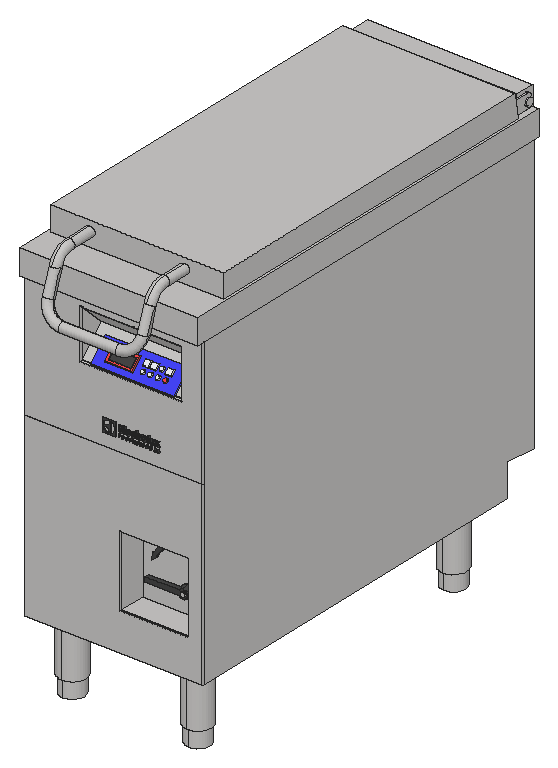
Revit family "QF_ELECTROLUXPROFESSIONAL_391351_E9PCEDRMC3", category Specialty Equipment, Revit 2018
Family settings
  Round Connector Dimension = Use Diameter
  Part Type = Normal
  Work Plane-Based = No
  Always vertical = Yes
  Cut with Voids When Loaded = No
  Shared = No
  Room Calculation Point = No
Parameters
  Weight = 55.00 kg
  Watts = 0 W
  Volts = 0 V
  URL Manufacturer = ""
  URL = ""
  Steam Supply Size = 0 mm
  Steam Supply Minimum Pressure = 0.0 Pa
  Steam Supply Maximum Pressure = 0.0 Pa
  Steam Pounds per Hour = 0
  Refrigeration Suction Line Size = 0 mm
  Refrigeration Liquid Line Size = 0 mm
  Refrigerant Compressor Remote = yes
  Manufacturer = ""
  Phase = 0
  Model = ""
  Length Actual = 375 mm  # constant formula
  Item Number = ""
  Hot Water Size = 0 mm
  Height Actual = 850 mm  # constant formula
  HP = "12.1 HP"
  Gas Size = 0 mm
  Gas KW = 0
  Gas Input Pressure = 0 W
  Direct Waste Size = 19.05 mm
  Description = ""
  Depth Actual = 910 mm  # constant formula
  Cycle = 0 Hz
  Condensate Return Size = 0 mm
  Compressed Air Volume = 0.0 L/s
  Compressed Air Size = 0 mm
  Compressed Air Pressure = 0.0 Pa
  Cold Water Size = 0 mm
  Accessory = yes
Reference planes
  plane 1 "Center (Front/Back)": y = 137.5
  plane 2: z = 0
  plane 3 "Center (Left/Right)": x = 0
  plane 4 "TOP": z = 901
  plane 5 "FRONT": y = -312.5
  plane 6 "BACK": y = 587.5
  plane 7 "LEFT": x = -187.5
  plane 8 "RIGHT": x = 187.5
  plane 9 "FEET": z = 150
  plane 10: y = -247.5
  plane 11 "DrainX": y = -135.5
  plane 12 "FbY": y = 431.5
  plane 13 "FfY": y = -242.5
  plane 14 "FLr": x = 132.5
  plane 15 "FLx": x = -132.5
  plane 16 "PLAN": z = 850
  plane 17 "DrainY": x = 52.5
  plane 18 "C1": x = -100
  plane 19 "C2": x = 100
  plane 20 "MAN": through (0, -359.5, 765.7) normal (0, 0.9397, -0.342)
  plane 21 "BOX": y = -240
  plane 22 "EIy": x = -52.5
  plane 23 "CWIy": x = 52.5
  plane 24 "EIz": z = 178
  plane 25: z = 1749
  plane 26 "PANEL": through (0, -300, 671.172) normal (0, 0.7071, -0.7071)
Forms (mm)
  Extrusion 1, solid, material "QF_Finishes_Stainless Steel"
    sketch origin (33, 0, 150) x (-1, 0, 0) y (0, -1, 0)
      loop
        circle (33, 135.5) r 9.525
    from -2 to 0
  Extrusion 2, solid, material "QF_Finishes_Stainless Steel"
    sketch origin (0, 0, 0) x (0, 1, 0) y (-1, 0, 0)
      loop
        circle (431.5, -132.5) r 25
      loop
        circle (-242.5, -132.5) r 25
      loop
        circle (-242.5, 132.5) r 25
      loop
        circle (431.5, 132.5) r 25
    from 34.992 to 0
  Extrusion 3, solid, material "QF_Finishes_Stainless Steel"
    sketch origin (0, 0, 0) x (0, 1, 0) y (-1, 0, 0)
      loop
        circle (431.5, -132.5) r 28.5
      loop
        circle (-242.5, -132.5) r 28.5
      loop
        circle (-242.5, 132.5) r 28.5
      loop
        circle (431.5, 132.5) r 28.5
    from 34.992 to 150
  Extrusion 4, solid, material "QF_Finishes_Black"
    sketch origin (-99.821, -312.5, 204.426) x (-1, 0, 0) y (0, 0, 1)
      loop
        arc (-95.224, 378.018) -> (-104.404, 365.602) -> (-95.224, 353.185) r 12.987
        line (-95.224, 353.185) -> (-95.224, 378.018)
      loop
        line (-94.268, 378.098) -> (-94.268, 376.124)
        arc (-94.268, 376.124) -> (-90.851, 369.664) -> (-84.269, 366.489) r 11.707
        line (-84.269, 366.489) -> (-78.669, 366.489)
        arc (-78.669, 366.489) -> (-83.8, 375.879) -> (-94.268, 378.098) r 12.809
      loop
        line (-93.961, 354.984) -> (-93.961, 352.866)
        arc (-93.961, 352.866) -> (-83.625, 355.456) -> (-78.658, 364.882) r 13.06
        line (-78.658, 364.882) -> (-82.766, 364.882)
        arc (-82.766, 364.882) -> (-90.106, 361.903) -> (-93.961, 354.984) r 11.93
      loop
        line (-77.715, 379.374) -> (-105.353, 379.374) -> (-105.353, 351.774) -> (-77.715, 351.774) -> (-77.715, 379.374)
    from 10.9 to 12.5
  Extrusion 5, solid, material "QF_Finishes_Black"
    sketch origin (102.623, -312.5, 210.245) x (-1, 0, 0) y (0, 0, 1)
      loop
        line (81.784, 371.728) -> (81.784, 369.516) -> (87.894, 369.516) -> (87.894, 366.286) -> (82.149, 366.286) -> (82.149, 364.068) -> (87.894, 364.068) -> (87.894, 362.114)
        arc (87.894, 362.114) -> (87.296, 360.758) -> (85.892, 360.284) r 1.838
        line (85.892, 360.284) -> (81.62, 360.284) -> (81.62, 358.073) -> (86.443, 358.073)
        arc (86.443, 358.073) -> (89.131, 359.187) -> (90.245, 361.875) r 3.802
        line (90.245, 361.875) -> (90.245, 371.728) -> (81.784, 371.728)
      loop
        line (79.949, 371.728) -> (77.598, 371.728) -> (77.598, 358.073) -> (79.949, 358.073) -> (79.949, 371.728)
      loop
        line (28.869, 371.728) -> (26.516, 371.728) -> (26.516, 358.073) -> (28.869, 358.073) -> (28.869, 371.728)
      loop
        arc (73.708, 362.434) -> (73.264, 360.942) -> (71.968, 360.079) r 2.29
        arc (71.968, 360.079) -> (69.843, 359.894) -> (68.014, 360.992) r 3.458
        line (68.014, 360.992) -> (66.621, 359.598)
        arc (66.621, 359.598) -> (68.772, 358.15) -> (71.338, 357.772) r 5.86
        arc (71.338, 357.772) -> (74.634, 359.137) -> (76, 362.434) r 4.662
        arc (76, 362.434) -> (74.962, 366.376) -> (71.326, 368.22) r 4.976
        arc (71.326, 368.22) -> (67.198, 366.674) -> (65.991, 362.434) r 4.89
        line (65.991, 362.434) -> (73.708, 362.434)
      loop
        arc (73.649, 364.087) -> (72.614, 365.736) -> (70.73, 366.227) r 2.64
        arc (70.73, 366.227) -> (69.097, 365.651) -> (68.353, 364.087) r 2.256
        line (68.353, 364.087) -> (73.649, 364.087)
      loop
        arc (56.823, 365.072) -> (58.716, 366.107) -> (60.848, 365.782) r 3.369
        arc (60.848, 365.782) -> (62.181, 364.369) -> (62.339, 362.434) r 2.933
        arc (62.339, 362.434) -> (60.068, 359.986) -> (56.898, 361.035) r 3.088
        line (56.898, 361.035) -> (55.429, 359.566)
        arc (55.429, 359.566) -> (61.646, 358.281) -> (64.682, 363.856) r 5.33
        arc (64.682, 363.856) -> (62.881, 367.035) -> (59.448, 368.289) r 5.293
        arc (59.448, 368.289) -> (57.198, 367.889) -> (55.346, 366.548) r 5.117
        line (55.346, 366.548) -> (56.823, 365.072)
      loop
        line (53.902, 371.728) -> (51.549, 371.728) -> (51.549, 367.949) -> (49.413, 367.949) -> (49.413, 365.812) -> (51.549, 365.812) -> (51.549, 362.434)
        arc (51.549, 362.434) -> (51.347, 361.352) -> (50.591, 360.553) r 1.949
        arc (50.591, 360.553) -> (50.002, 360.319) -> (49.369, 360.271) r 2.118
        line (49.369, 360.271) -> (49.369, 358.067)
        arc (49.369, 358.067) -> (51.495, 358.348) -> (53.174, 359.682) r 4.018
        arc (53.174, 359.682) -> (53.698, 360.997) -> (53.902, 362.397) r 6.031
        line (53.902, 362.397) -> (53.902, 371.728)
      loop
        line (45.102, 363.264) -> (45.102, 358.073) -> (47.434, 358.073) -> (47.434, 367.949) -> (45.102, 367.949) -> (45.102, 366.525)
        arc (45.102, 366.525) -> (43.525, 367.878) -> (41.456, 368.073) r 3.432
        line (41.456, 368.073) -> (41.456, 365.812)
        arc (41.456, 365.812) -> (43.04, 365.845) -> (44.448, 365.122) r 3.231
        arc (44.448, 365.122) -> (44.934, 364.249) -> (45.102, 363.264) r 2.967
      loop
        circle (35.705, 363.009) r 5.233
      loop
        circle (35.705, 363.009) r 3.172
      loop
        line (18.033, 362.186) -> (18.033, 367.949) -> (15.663, 367.949) -> (15.663, 362.087)
        arc (15.663, 362.087) -> (16.976, 358.946) -> (20.19, 357.823) r 4.181
        arc (20.19, 357.823) -> (23.368, 358.913) -> (24.717, 361.99) r 4.181
        line (24.717, 361.99) -> (24.717, 367.949) -> (22.346, 367.949) -> (22.346, 362.186)
        arc (22.346, 362.186) -> (21.765, 360.589) -> (20.19, 359.953) r 2.088
        arc (20.19, 359.953) -> (18.614, 360.589) -> (18.033, 362.186) r 2.088
      loop
        line (14.241, 367.949) -> (11.697, 367.949) -> (9.567, 365.017) -> (7.404, 367.949) -> (4.836, 367.949) -> (8.219, 363.365) -> (4.52, 358.07) -> (7.032, 358.07) -> (9.559, 361.549) -> (12.05, 358.07) -> (14.578, 358.07) -> (10.826, 363.312) -> (14.241, 367.949)
      loop
        arc (88.922, 352.413) -> (87.368, 350.995) -> (88.637, 349.317) r 1.561
        line (88.637, 349.317) -> (89.771, 349.317) -> (89.771, 347.69) -> (90.797, 347.69) -> (90.797, 352.413) -> (88.922, 352.413)
      loop
        line (88.681, 350.245) -> (89.771, 350.245) -> (89.771, 351.459) -> (88.681, 351.459)
        arc (88.681, 351.459) -> (88.293, 350.852) -> (88.681, 350.245) r 0.668
      loop
        arc (81.512, 352.413) -> (80.423, 351.969) -> (79.954, 350.891) r 1.559
        arc (79.954, 350.891) -> (80.103, 350.213) -> (80.548, 349.682) r 1.458
        line (80.548, 349.682) -> (79.62, 347.69) -> (80.722, 347.69) -> (81.401, 349.317) -> (82.394, 349.317) -> (82.394, 347.69) -> (83.42, 347.69) -> (83.42, 352.413) -> (81.512, 352.413)
      loop
        line (82.394, 351.459) -> (81.304, 351.459)
        arc (81.304, 351.459) -> (80.916, 350.852) -> (81.304, 350.245) r 0.668
        line (81.304, 350.245) -> (82.394, 350.245) -> (82.394, 351.459)
      loop
        circle (73.591, 350.052) r 2.453
      loop
        circle (73.591, 350.052) r 1.557
      loop
        line (67.107, 352.413) -> (64.158, 352.413) -> (64.158, 351.395) -> (66.105, 351.395) -> (66.105, 350.399) -> (64.328, 350.399) -> (64.328, 349.341) -> (66.105, 349.341) -> (66.105, 347.69) -> (67.107, 347.69) -> (67.107, 352.413)
      loop
        line (60.175, 352.413) -> (57.187, 352.413) -> (57.187, 351.521) -> (59.205, 351.521) -> (59.205, 350.591) -> (57.318, 350.591) -> (57.318, 349.699) -> (59.205, 349.699)
        arc (59.205, 349.699) -> (59.102, 349.022) -> (58.574, 348.586) r 0.961
        line (58.574, 348.586) -> (57.141, 348.586) -> (57.141, 347.694) -> (58.665, 347.694)
        arc (58.665, 347.694) -> (59.74, 348.144) -> (60.175, 349.224) r 1.51
        line (60.175, 349.224) -> (60.175, 352.413)
      loop
        line (43.076, 351.815) -> (43.615, 351.106)
        arc (43.615, 351.106) -> (44.027, 351.472) -> (44.562, 351.601) r 1.135
        arc (44.562, 351.601) -> (45.009, 351.244) -> (44.7, 350.763) r 0.427
        arc (44.7, 350.763) -> (44.164, 350.562) -> (43.642, 350.329) r 9.371
        arc (43.642, 350.329) -> (43.229, 350.06) -> (42.907, 349.687) r 1.779
        arc (42.907, 349.687) -> (42.757, 348.879) -> (43.047, 348.109) r 1.535
        arc (43.047, 348.109) -> (43.702, 347.761) -> (44.429, 347.616) r 2.556
        arc (44.429, 347.616) -> (45.018, 347.675) -> (45.562, 347.907) r 1.957
        arc (45.562, 347.907) -> (46.041, 348.341) -> (46.339, 348.915) r 1.815
        line (46.339, 348.915) -> (45.513, 349.3)
        arc (45.513, 349.3) -> (45.278, 348.889) -> (44.894, 348.613) r 1.118
        arc (44.894, 348.613) -> (44.45, 348.5) -> (44.004, 348.605) r 0.963
        arc (44.004, 348.605) -> (43.764, 349.087) -> (44.112, 349.498) r 0.489
        arc (44.112, 349.498) -> (44.664, 349.765) -> (45.246, 349.959) r 4.78
        arc (45.246, 349.959) -> (45.937, 350.786) -> (45.826, 351.858) r 1.385
        arc (45.826, 351.858) -> (45.225, 352.312) -> (44.493, 352.491) r 1.872
        arc (44.493, 352.491) -> (43.701, 352.328) -> (43.076, 351.815) r 1.69
      loop
        line (38.743, 352.413) -> (37.773, 352.413) -> (37.773, 347.694) -> (38.743, 347.694) -> (38.743, 352.413)
      loop
        circle (31.231, 350.053) r 1.468
      loop
        circle (31.231, 350.053) r 2.451
      loop
        line (24.722, 347.694) -> (24.722, 352.413) -> (23.778, 352.413) -> (21.619, 349.356) -> (21.619, 352.413) -> (20.639, 352.413) -> (20.639, 347.694) -> (21.582, 347.694) -> (23.741, 350.661) -> (23.741, 347.694) -> (24.722, 347.694)
      loop
        line (15.747, 347.694) -> (16.789, 347.694) -> (14.943, 352.413) -> (14.033, 352.413) -> (12.04, 347.694) -> (13.083, 347.694) -> (13.542, 348.712) -> (15.288, 348.712) -> (15.747, 347.694)
      loop
        line (13.977, 349.68) -> (14.899, 349.68) -> (14.445, 350.717) -> (13.977, 349.68)
      loop
        line (7.22, 348.586) -> (5.406, 348.586) -> (5.406, 347.694) -> (8.191, 347.694) -> (8.191, 352.413) -> (7.22, 352.413) -> (7.22, 348.586)
      loop
        line (50.15, 351.815) -> (50.689, 351.106)
        arc (50.689, 351.106) -> (51.101, 351.472) -> (51.637, 351.601) r 1.135
        arc (51.637, 351.601) -> (52.084, 351.244) -> (51.774, 350.763) r 0.427
        arc (51.774, 350.763) -> (51.239, 350.562) -> (50.717, 350.329) r 9.371
        arc (50.717, 350.329) -> (50.304, 350.06) -> (49.981, 349.687) r 1.779
        arc (49.981, 349.687) -> (49.832, 348.879) -> (50.121, 348.109) r 1.535
        arc (50.121, 348.109) -> (50.776, 347.761) -> (51.504, 347.616) r 2.556
        arc (51.504, 347.616) -> (52.092, 347.675) -> (52.636, 347.907) r 1.957
        arc (52.636, 347.907) -> (53.116, 348.341) -> (53.413, 348.915) r 1.815
        line (53.413, 348.915) -> (52.587, 349.3)
        arc (52.587, 349.3) -> (52.352, 348.889) -> (51.969, 348.613) r 1.118
        arc (51.969, 348.613) -> (51.525, 348.5) -> (51.078, 348.605) r 0.963
        arc (51.078, 348.605) -> (50.838, 349.087) -> (51.187, 349.498) r 0.489
        arc (51.187, 349.498) -> (51.739, 349.765) -> (52.32, 349.959) r 4.78
        arc (52.32, 349.959) -> (53.012, 350.786) -> (52.901, 351.858) r 1.385
        arc (52.901, 351.858) -> (52.299, 352.312) -> (51.568, 352.491) r 1.872
        arc (51.568, 352.491) -> (50.776, 352.328) -> (50.15, 351.815) r 1.69
    from 12.5 to 10.9
  Extrusion 6, solid, material "QF_Finishes_Stainless Steel"
    sketch origin (80, 587.5, -167) x (-1, 0, 0) y (0, 0, 1)
      loop
        circle (132.5, 345) r 10
    from -81.229 to -85
  Extrusion 7, solid, material "QF_Finishes_Stainless Steel"
    sketch origin (0, 0, 0) x (0, 1, 0) y (0, 0, 1)
      loop
        line (574.512, 797.7) -> (-297, 797.7) -> (-297, 150) -> (502.5, 150) -> (502.5, 220.528) -> (574.512, 213.385) -> (574.512, 797.7)
    from 187.5 to -187.5
  Extrusion 8, solid, material "QF_Finishes_Stainless Steel"
    sketch origin (0, 0, 0) x (0, 1, 0) y (0, 0, 1)
      loop
        line (587.5, 797.7) -> (587.5, 850) -> (-312.5, 850) -> (-312.5, 797.7) -> (587.5, 797.7)
    from -187.5 to 187.5
  Extrusion 9, solid, material "QF_Finishes_Stainless Steel"
    sketch origin (0, 0, 0) x (0, 1, 0) y (0, 0, 1)
      loop
        line (540.352, 850) -> (531.359, 901) -> (-237.5, 901) -> (-237.5, 850) -> (540.352, 850)
    from -182 to 182
  Extrusion 10, solid, material "QF_Finishes_Stainless Steel"
    sketch origin (0, 0, 0) x (0, 1, 0) y (0, 0, 1)
      loop
        line (-297, 530) -> (-300, 530) -> (-300, 150) -> (-297, 150) -> (-297, 530)
    from 187.5 to -187.5
  Extrusion 11, solid, material "QF_Finishes_Stainless Steel"
    sketch origin (0, 0, 0) x (0, 1, 0) y (0, 0, 1)
      loop
        line (-297, 530) -> (-297, 797.7) -> (-300, 797.7) -> (-300, 530) -> (-297, 530)
    from 187.5 to -187.5
  Sweep 12, solid, material "QF_Finishes_Stainless Steel"
    path origin (-100, 0, 0) x (0, 0, -1) y (0, -1, 0)
      loop
        line (-879.2, 237.5) -> (-879.2, 290.181)
        arc (-879.2, 290.181) -> (-871.966, 313.124) -> (-852.881, 327.769) r 40
    profile origin (-100, -263.841, 879.2) x (0, 0, 1) y (-1, 0, 0)
      loop
        circle (0, 0) r 10
  Sweep 13, solid, material "QF_Finishes_Stainless Steel"
    path origin (100, 0, 0) x (0, 0, -1) y (0, -1, 0)
      loop
        line (-879.2, 237.5) -> (-879.2, 290.181)
        arc (-879.2, 290.181) -> (-871.948, 313.15) -> (-852.821, 327.791) r 40
    profile origin (100, -263.841, 879.2) x (0, 0, 1) y (-1, 0, 0)
      loop
        circle (0, 0) r 10
  Sweep 14, solid, material "QF_Finishes_Stainless Steel"
    path origin (0, -549.934, 242.488) x (0, -0.34202, -0.939693) y (-1, 0, 0)
      loop
        line (-649.487, -100) -> (-596.566, -100)
        arc (-596.566, -100) -> (-568.282, -88.284) -> (-556.566, -60) r 40
        line (-556.566, -60) -> (-556.566, 60)
        arc (-556.566, 60) -> (-568.282, 88.284) -> (-596.566, 100) r 40
        line (-596.566, 100) -> (-649.567, 100)
    profile origin (0, -359.577, 765.489) x (0, 0.34202, 0.939693) y (0, 0.939693, -0.34202)
      loop
        circle (0, 0) r 10
  Extrusion 15, void
    sketch origin (0, 0, 0) x (0, 1, 0) y (0, 0, 1)
      loop
        line (-300, 777.172) -> (-300, 671.172) -> (-247, 724.172) -> (-300, 777.172)
    from -70 to 145
  Extrusion 16, void
    sketch origin (0, 0, 0) x (0, 1, 0) y (0, 0, 1)
      loop
        line (-240, 230) -> (-240, 380) -> (-300, 380) -> (-300, 230) -> (-240, 230)
    from 14 to 158
  Blend 17, solid, material "QF_Finishes_Black"
    base sketch origin (0, -240, 0) x (0, 0, 1) y (-1, 0, 0)
      loop
        circle (278, -114) r 12.025
    top sketch origin (0, -240, 0) x (0, 0, 1) y (-1, 0, 0)
      loop
        circle (278, -114) r 9.25
    from 7.5 to 18.63
  Extrusion 18, solid, material "QF_Finishes_Black"
    sketch origin (0, -240, 0) x (0, 0, 1) y (-1, 0, 0)
      loop
        line (272, -106.648) -> (284, -106.648) -> (282.724, -33.539) -> (273.276, -33.539) -> (272, -106.648)
    from 18.63 to 9.692
  Extrusion 19, solid, material "QF_Finishes_Black"
    sketch origin (0, -240, 0) x (0, 0, 1) y (-1, 0, 0)
      loop
        arc (287.874, -123.875) -> (290, -114) -> (287.874, -104.125) r 24
        arc (287.874, -104.125) -> (278, -102) -> (268.126, -104.125) r 24
        arc (268.126, -104.125) -> (266, -114) -> (268.126, -123.875) r 24
        arc (268.126, -123.875) -> (278, -126) -> (287.874, -123.875) r 24
    from 0 to 7.5
  Extrusion 20, solid, material "QF_Finishes_Stainless Steel"
    sketch origin (0, -240, 0) x (0, 0, 1) y (-1, 0, 0)
      loop
        circle (278, -114) r 5
    from 19.512 to 18.63
  Extrusion 21, solid, material "QF_Finishes_Black"
    sketch origin (0, -240, 0) x (0, 0, 1) y (-1, 0, 0)
      loop
        line (343.532, -68.114) -> (341.894, -69.261) -> (353.826, -77.855) -> (351.724, -62.378) -> (350.086, -63.525)
        arc (350.086, -63.525) -> (337.452, -49.12) -> (322, -37.79) r 88
        line (322, -37.79) -> (323, -36.058) -> (307.399, -35.313) -> (317, -46.45) -> (318, -44.718)
        arc (318, -44.718) -> (332.047, -55.018) -> (343.532, -68.114) r 80
    from 2 to 0
  Extrusion 22, solid, material "QF_Finishes_Stainless Steel"
    sketch origin (0, 0, 0) x (0, 1, 0) y (0, 0, 1)
      loop
        line (587.5, 890.2) -> (547.5, 890.2) -> (547.5, 850) -> (587.5, 850) -> (587.5, 890.2)
    from 174 to -174
  Extrusion 23, solid, material "QF_Finishes_Stainless Steel"
    sketch origin (0, 0, 0) x (0, 1, 0) y (0, 0, 1)
      loop
        line (567.695, 885.2) -> (534.145, 885.2) -> (539.461, 855.052) -> (567.701, 855.2)
        arc (567.701, 855.2) -> (572.559, 856.849) -> (575.417, 861.109) r 8
        line (575.417, 861.109) -> (576.149, 863.841) -> (573.793, 865.1)
        arc (573.793, 865.1) -> (559.4, 870.2) -> (573.793, 875.3) r 8.1
        line (573.793, 875.3) -> (576.149, 876.559) -> (575.417, 879.291)
        arc (575.417, 879.291) -> (572.557, 883.553) -> (567.695, 885.2) r 8
    from 180 to 175.8
  Extrusion 24, solid, material "QF_Finishes_Stainless Steel"
    sketch origin (0, 0, 0) x (0, 1, 0) y (0, 0, 1)
      loop
        circle (567.5, 870.2) r 8.1
    from 174 to 185
  Extrusion 25, solid, material "QF_Finishes_Stainless Steel"
    sketch origin (0, 0, 0) x (0, 1, 0) y (0, 0, 1)
      loop
        line (567.695, 885.2) -> (534.145, 885.2) -> (539.461, 855.052) -> (567.701, 855.2)
        arc (567.701, 855.2) -> (572.559, 856.849) -> (575.417, 861.109) r 8
        line (575.417, 861.109) -> (576.149, 863.841) -> (573.793, 865.1)
        arc (573.793, 865.1) -> (559.4, 870.2) -> (573.793, 875.3) r 8.1
        line (573.793, 875.3) -> (576.149, 876.559) -> (575.417, 879.291)
        arc (575.417, 879.291) -> (572.557, 883.553) -> (567.695, 885.2) r 8
    from -180 to -175.8
  Extrusion 26, solid, material "QF_Finishes_Stainless Steel"
    sketch origin (0, 0, 0) x (0, 1, 0) y (0, 0, 1)
      loop
        circle (567.5, 870.2) r 8.1
    from -174 to -185
  Extrusion 27, solid, material "QF_Finishes_Stainless Steel"
    sketch origin (0, 587.5, 0) x (-1, 0, 0) y (0, 0, 1)
      loop
        circle (-52.5, 178) r 9.55
    from -85 to -79.048
  Extrusion 28, solid, material "QF_Door-Drawer Clearances", detail levels coarse
    sketch origin (0, -419.929, 1193.139) x (0, 0.258819, -0.965926) y (0, 0.965926, 0.258819)
      loop
        line (540.352, 850) -> (531.359, 901) -> (-237.5, 901) -> (-237.5, 850) -> (540.352, 850)
    from -182 to 182
  Sweep 29, solid, material "QF_Door-Drawer Clearances", detail levels coarse
    path origin (-100, -419.929, 1193.139) x (0, -0.965926, -0.258819) y (0, -0.258819, 0.965926)
      loop
        line (-879.2, 237.5) -> (-879.2, 290.181)
        arc (-879.2, 290.181) -> (-871.966, 313.124) -> (-852.881, 327.769) r 40
    profile origin (-100, 361.027, 1675.543) x (0, 0.965926, 0.258819) y (-1, 0, 0)
      loop
        circle (0, 0) r 10
  Sweep 30, solid, material "QF_Door-Drawer Clearances", detail levels coarse
    path origin (0, -328.036, 1787.094) x (0, -0.996195, 0.087155) y (-1, 0, 0)
      loop
        line (-649.487, -100) -> (-596.566, -100)
        arc (-596.566, -100) -> (-568.282, -88.284) -> (-556.566, -60) r 40
        line (-556.566, -60) -> (-556.566, 60)
        arc (-556.566, 60) -> (-568.282, 88.284) -> (-596.566, 100) r 40
        line (-596.566, 100) -> (-649.567, 100)
    profile origin (0, 226.412, 1738.586) x (0, 0.996195, -0.087155) y (0, -0.087155, -0.996195)
      loop
        circle (0, 0) r 10
  Sweep 31, solid, material "QF_Door-Drawer Clearances", detail levels coarse
    path origin (100, -419.929, 1193.139) x (0, -0.965926, -0.258819) y (0, -0.258819, 0.965926)
      loop
        line (-879.2, 237.5) -> (-879.2, 290.181)
        arc (-879.2, 290.181) -> (-871.966, 313.124) -> (-852.881, 327.769) r 40
    profile origin (100, 361.027, 1675.543) x (0, 0.965926, 0.258819) y (-1, 0, 0)
      loop
        circle (0, 0) r 10
Cuts and joins
  Extrusion 15, Extrusion 16 cuts Extrusion 7
  Extrusion 15 cuts Extrusion 11
  Extrusion 16 cuts Extrusion 10
  joined: Blend 17, Extrusion 18
Lines and regions (mm)
  symbolic lines, detail levels coarse
    curve 1: line (187.5, 587.5, 0) -> (-187.5, 587.5, 0)
    curve 2: line (-187.5, 587.5, 0) -> (-187.5, -312.5, 0)
    curve 3: line (187.5, -312.5, 0) -> (187.5, 587.5, 0)
    curve 4: line (182, -237.5, 0) -> (182, 540.352, 0)
    curve 5: line (-182, 540.352, 0) -> (-182, -237.5, 0)
    curve 6: line (-187.5, -312.5, 0) -> (-110, -312.5, 0)
    curve 7: line (-110, -237.5, 0) -> (-110, -346.536, 0)
    curve 8: line (-90, -237.5, 0) -> (-90, -343.828, 0)
    curve 9: line (-59.839, -349.653, 0) -> (59.839, -349.653, 0)
    curve 10: line (-59.839, -369.653, 0) -> (59.839, -369.653, 0)
    curve 11: line (110, -237.5, 0) -> (110, -346.536, 0)
    curve 12: line (90, -237.5, 0) -> (90, -343.828, 0)
    curve 13: arc (-59.839, -349.653, 0) -> (-75.198, -348.183, 0) -> (-90, -343.828, 0) r 81.001
    curve 14: arc (-59.839, -369.653, 0) -> (-82.339, -366.89, 0) -> (-103.502, -358.767, 0) r 93.005
    curve 15: arc (-103.502, -358.767, 0) -> (-108.275, -353.461, 0) -> (-110, -346.536, 0) r 14.758
    curve 16: arc (59.839, -349.653, 0) -> (75.198, -348.183, 0) -> (90, -343.828, 0) r 81.001
    curve 17: arc (59.839, -369.653, 0) -> (82.339, -366.89, 0) -> (103.502, -358.767, 0) r 93.005
    curve 18: arc (103.502, -358.767, 0) -> (108.275, -353.461, 0) -> (110, -346.536, 0) r 14.758
    curve 19: line (-90, -312.5, 0) -> (90, -312.5, 0)
    curve 20: line (110, -312.5, 0) -> (187.5, -312.5, 0)
    curve 21: line (-182, -237.5, 0) -> (182, -237.5, 0)
    curve 22: line (-187.5, -300, 0) -> (-110, -300, 0)
    curve 23: line (-90, -300, 0) -> (90, -300, 0)
    curve 24: line (110, -300, 0) -> (187.5, -300, 0)
    curve 25: line (-174, 547.5, 0) -> (174, 547.5, 0)
    curve 26: line (174, 547.5, 0) -> (174, 587.5, 0)
    curve 27: line (-174, 587.5, 0) -> (-174, 547.5, 0)
    curve 28: line (-175.8, 540.962, 0) -> (-175.8, 576.149, 0)
    curve 29: line (-180, 576.149, 0) -> (-180, 540.962, 0)
    curve 30: line (-180, 576.149, 0) -> (-175.8, 576.149, 0)
    curve 31: line (-185, 575.6, 0) -> (-185, 559.4, 0)
    curve 32: line (-185, 575.6, 0) -> (-180, 575.6, 0)
    curve 33: line (-185, 559.4, 0) -> (-180, 559.4, 0)
    curve 34: line (-175.8, 559.4, 0) -> (-174, 559.4, 0)
    curve 35: line (-175.8, 575.6, 0) -> (-174, 575.6, 0)
    curve 36: line (-182, 540.352, 0) -> (182, 540.352, 0)
    curve 37: line (175.8, 540.962, 0) -> (175.8, 576.149, 0)
    curve 38: line (180, 576.149, 0) -> (180, 540.962, 0)
    curve 39: line (180, 576.149, 0) -> (175.8, 576.149, 0)
    curve 40: line (185, 575.6, 0) -> (185, 559.4, 0)
    curve 41: line (185, 575.6, 0) -> (180, 575.6, 0)
    curve 42: line (185, 559.4, 0) -> (180, 559.4, 0)
    curve 43: line (175.8, 559.4, 0) -> (174, 559.4, 0)
    curve 44: line (175.8, 575.6, 0) -> (174, 575.6, 0)
Dimensions and locks
  equal spacing: plane 7 "LEFT", plane 3 "Center (Left/Right)", plane 8 "RIGHT"
  plane 7 "LEFT" to plane 8 "RIGHT" = 375 mm
  plane 6 "BACK" to plane 5 "FRONT" = 900 mm
  plane 4 "TOP" to plane 2 = 901 mm
  equal spacing: plane 8 "RIGHT", plane 3 "Center (Left/Right)", plane 7 "LEFT"
  plane 8 "RIGHT" to plane 7 "LEFT" = 375 mm
  plane 7 "LEFT" to plane 15 "FLx" = 55 mm
  plane 14 "FLr" to plane 8 "RIGHT" = 55 mm
  plane 6 "BACK" to plane 12 "FbY" = 156 mm
  plane 13 "FfY" to plane 5 "FRONT" = 70 mm
  locked: plane 10 to plane 5 "FRONT" at 65
  locked: plane 9 "FEET" to level at 150
  plane 4 "TOP" to plane 16 "PLAN" = 51 mm
  plane 11 "DrainX" to plane 5 "FRONT" = 177 mm
  plane 17 "DrainY" to plane 8 "RIGHT" = 135 mm
  plane 7 "LEFT" to plane 22 "EIy" = 135 mm
  plane 23 "CWIy" to plane 8 "RIGHT" = 135 mm
  plane 9 "FEET" to plane 24 "EIz" = 28 mm
  plane 25 to level = 1749 mm
  aligned and locked: level to plane 2
Automatic sketch dimensions
  Extrusion 1 sketch curve to plane 3 "Center (Left/Right)" = 0 mm
  Extrusion 1 sketch curve to plane 11 "DrainX" = 0 mm
  Extrusion 2 sketch curve to plane 13 "FfY" = 0 mm  (x2)
  Extrusion 2 sketch curve to plane 12 "FbY" = 0 mm  (x2)
  Extrusion 2 sketch curve to plane 14 "FLr" = 0 mm  (x2)
  Extrusion 2 sketch curve to plane 15 "FLx" = 0 mm  (x2)
  Extrusion 3 sketch curve to plane 13 "FfY" = 0 mm  (x2)
  Extrusion 3 sketch curve to plane 12 "FbY" = 0 mm  (x2)
  Extrusion 3 sketch curve to plane 14 "FLr" = 0 mm  (x2)
  Extrusion 3 sketch curve to plane 15 "FLx" = 0 mm  (x2)
  plane 3 "Center (Left/Right)" to Extrusion 4 sketch curve = 5.532 mm
  Extrusion 4 sketch curve to plane 3 "Center (Left/Right)" = 4.597 mm
  Extrusion 4 sketch curve to Extrusion 4 sketch curve = 0.956 mm
  Extrusion 4 sketch curve to Extrusion 4 sketch curve = 1.263 mm
  Extrusion 4 sketch curve to plane 3 "Center (Left/Right)" = 8.13 mm
  Extrusion 4 sketch curve to Extrusion 4 sketch curve = 0.243 mm
  Extrusion 4 sketch curve to Extrusion 4 sketch curve = 0.031 mm
  Extrusion 4 sketch curve to Extrusion 4 sketch curve = 7.148 mm
  Extrusion 4 sketch curve to Extrusion 4 sketch curve = 1.502 mm
  Extrusion 4 sketch curve to Extrusion 4 sketch curve = 11.54 mm
  Extrusion 4 sketch curve to Extrusion 4 sketch curve = 11.758 mm
  Extrusion 4 sketch curve to Extrusion 4 sketch curve = 4.097 mm
  Extrusion 4 sketch curve to Extrusion 4 sketch curve = 0.011 mm
  Extrusion 4 sketch curve to Extrusion 4 sketch curve = 4.488 mm
  Extrusion 4 sketch curve to plane 16 "PLAN" = 293.8 mm
  Extrusion 4 sketch curve to Extrusion 4 sketch curve = 1.093 mm
  Extrusion 4 sketch curve to Extrusion 4 sketch curve = 1.192 mm
  Extrusion 4 sketch curve to Extrusion 4 sketch curve = 0.319 mm
  Extrusion 4 sketch curve to Extrusion 4 sketch curve = 2.117 mm
  Extrusion 4 sketch curve to Extrusion 4 sketch curve = 0.126 mm
  Extrusion 4 sketch curve to Extrusion 4 sketch curve = 0.002 mm
  Extrusion 4 sketch curve to Extrusion 4 sketch curve = 1.607 mm
  Extrusion 4 sketch curve to Extrusion 4 sketch curve = 1.975 mm
  Extrusion 4 sketch curve to Extrusion 4 sketch curve = 1.355 mm
  Extrusion 5 sketch curve to Extrusion 5 sketch curve = 0 mm  (x40)
  plane 19 "C2" to Extrusion 5 sketch curve = 1.897 mm
  plane 19 "C2" to Extrusion 5 sketch curve = 2.214 mm
  plane 19 "C2" to Extrusion 5 sketch curve = 2.783 mm
  Extrusion 5 sketch curve to Extrusion 5 sketch curve = 2.512 mm
  Extrusion 5 sketch curve to Extrusion 5 sketch curve = 1.815 mm
  Extrusion 5 sketch curve to Extrusion 5 sketch curve = 2.567 mm
  Extrusion 5 sketch curve to Extrusion 5 sketch curve = 0.97 mm  (x3)
  Extrusion 5 sketch curve to Extrusion 5 sketch curve = 0.815 mm  (x2)
  Extrusion 5 sketch curve to Extrusion 5 sketch curve = 1.341 mm
  Extrusion 5 sketch curve to Extrusion 5 sketch curve = 1.348 mm
  Extrusion 5 sketch curve to Extrusion 5 sketch curve = 1.259 mm
  Extrusion 5 sketch curve to Extrusion 5 sketch curve = 2.13 mm
  Extrusion 5 sketch curve to Extrusion 5 sketch curve = 3.849 mm
  Extrusion 5 sketch curve to Extrusion 5 sketch curve = 2.49 mm
  Extrusion 5 sketch curve to Extrusion 5 sketch curve = 1.043 mm
  Extrusion 5 sketch curve to Extrusion 5 sketch curve = 0.46 mm  (x2)
  Extrusion 5 sketch curve to Extrusion 5 sketch curve = 0.435 mm  (x3)
  Extrusion 5 sketch curve to Extrusion 5 sketch curve = 0.055 mm  (x2)
  Extrusion 5 sketch curve to Extrusion 5 sketch curve = 2.544 mm
  Extrusion 5 sketch curve to Extrusion 5 sketch curve = 0.468 mm
  Extrusion 5 sketch curve to Extrusion 5 sketch curve = 2.528 mm
  Extrusion 5 sketch curve to Extrusion 5 sketch curve = 0.922 mm
  Extrusion 5 sketch curve to Extrusion 5 sketch curve = 0.91 mm
  Extrusion 5 sketch curve to Extrusion 5 sketch curve = 0.388 mm
  Extrusion 5 sketch curve to Extrusion 5 sketch curve = 1.422 mm
  Extrusion 5 sketch curve to Extrusion 5 sketch curve = 1.042 mm
  Extrusion 5 sketch curve to Extrusion 5 sketch curve = 2.371 mm
  Extrusion 5 sketch curve to Extrusion 5 sketch curve = 1.809 mm  (x2)
  Extrusion 5 sketch curve to Extrusion 5 sketch curve = 0.273 mm  (x2)
  Extrusion 5 sketch curve to Extrusion 5 sketch curve = 0.147 mm
  Extrusion 5 sketch curve to Extrusion 5 sketch curve = 5.696 mm
  Extrusion 5 sketch curve to Extrusion 5 sketch curve = 0.943 mm
  Extrusion 5 sketch curve to Extrusion 5 sketch curve = 0.037 mm  (x2)
  Extrusion 5 sketch curve to Extrusion 5 sketch curve = 2.122 mm
  Extrusion 5 sketch curve to Extrusion 5 sketch curve = 2.372 mm
  Extrusion 5 sketch curve to Extrusion 5 sketch curve = 0.944 mm
  Extrusion 5 sketch curve to Extrusion 5 sketch curve = 1.799 mm
  Extrusion 5 sketch curve to Extrusion 5 sketch curve = 2.353 mm
  Extrusion 5 sketch curve to Extrusion 5 sketch curve = 6.509 mm
  Extrusion 5 sketch curve to Extrusion 5 sketch curve = 6.836 mm
  Extrusion 5 sketch curve to Extrusion 5 sketch curve = 2.068 mm
  Extrusion 5 sketch curve to Extrusion 5 sketch curve = 5.751 mm
  Extrusion 5 sketch curve to Extrusion 5 sketch curve = 0.679 mm
  Extrusion 5 sketch curve to Extrusion 5 sketch curve = 0.728 mm
  Extrusion 5 sketch curve to Extrusion 5 sketch curve = 0.178 mm
  Extrusion 5 sketch curve to Extrusion 5 sketch curve = 4.332 mm
  Extrusion 5 sketch curve to Extrusion 5 sketch curve = 0.539 mm
  Extrusion 5 sketch curve to Extrusion 5 sketch curve = 0.634 mm
  Extrusion 5 sketch curve to Extrusion 5 sketch curve = 0.036 mm  (x2)
  Extrusion 5 sketch curve to Extrusion 5 sketch curve = 0.114 mm  (x2)
  Extrusion 5 sketch curve to Extrusion 5 sketch curve = 0.807 mm  (x2)
  Extrusion 5 sketch curve to Extrusion 5 sketch curve = 0.007 mm  (x2)
  Extrusion 5 sketch curve to Extrusion 5 sketch curve = 0.156 mm  (x2)
  Extrusion 5 sketch curve to Extrusion 5 sketch curve = 0.005 mm  (x2)
  Extrusion 5 sketch curve to Extrusion 5 sketch curve = 0.083 mm  (x2)
  Extrusion 5 sketch curve to Extrusion 5 sketch curve = 0.13 mm  (x3)
  Extrusion 5 sketch curve to Extrusion 5 sketch curve = 0.009 mm  (x2)
  Extrusion 5 sketch curve to Extrusion 5 sketch curve = 0.159 mm  (x2)
  Extrusion 5 sketch curve to Extrusion 5 sketch curve = 0.075 mm  (x2)
  Extrusion 5 sketch curve to Extrusion 5 sketch curve = 0.025 mm  (x2)
  Extrusion 5 sketch curve to Extrusion 5 sketch curve = 2.918 mm
  plane 17 "DrainY" to Extrusion 5 sketch curve = 5.021 mm
  Extrusion 5 sketch curve to Extrusion 5 sketch curve = 0.908 mm  (x2)
  Extrusion 5 sketch curve to Extrusion 5 sketch curve = 0.826 mm  (x2)
  Extrusion 5 sketch curve to Extrusion 5 sketch curve = 0.126 mm
  Extrusion 5 sketch curve to Extrusion 5 sketch curve = 2.333 mm
  plane 17 "DrainY" to Extrusion 5 sketch curve = 2.402 mm
  plane 17 "DrainY" to Extrusion 5 sketch curve = 2.25 mm
  plane 17 "DrainY" to Extrusion 5 sketch curve = 0.753 mm
  plane 17 "DrainY" to Extrusion 5 sketch curve = 0.709 mm
  plane 17 "DrainY" to Extrusion 5 sketch curve = 0.597 mm
  Extrusion 5 sketch curve to Extrusion 5 sketch curve = 0.085 mm
  plane 17 "DrainY" to Extrusion 5 sketch curve = 0.197 mm
  Extrusion 5 sketch curve to plane 17 "DrainY" = 0.027 mm
  Extrusion 5 sketch curve to plane 17 "DrainY" = 0.567 mm
  Extrusion 5 sketch curve to plane 17 "DrainY" = 1.201 mm
  Extrusion 5 sketch curve to plane 17 "DrainY" = 1.427 mm  (x2)
  Extrusion 5 sketch curve to plane 17 "DrainY" = 3.416 mm
  Extrusion 5 sketch curve to Extrusion 5 sketch curve = 2.352 mm  (x2)
  Extrusion 5 sketch curve to Extrusion 5 sketch curve = 1.257 mm
  Extrusion 5 sketch curve to Extrusion 5 sketch curve = 3.797 mm
  Extrusion 5 sketch curve to Extrusion 5 sketch curve = 1.528 mm
  Extrusion 5 sketch curve to Extrusion 5 sketch curve = 1.476 mm  (x2)
  Extrusion 5 sketch curve to Extrusion 5 sketch curve = 1.469 mm  (x2)
  Extrusion 5 sketch curve to Extrusion 5 sketch curve = 3.728 mm
  Extrusion 5 sketch curve to Extrusion 5 sketch curve = 0.046 mm
  Extrusion 5 sketch curve to Extrusion 5 sketch curve = 0.177 mm
  Extrusion 5 sketch curve to Extrusion 5 sketch curve = 0.947 mm
  Extrusion 5 sketch curve to Extrusion 5 sketch curve = 0.308 mm
  Extrusion 5 sketch curve to Extrusion 5 sketch curve = 0.091 mm
  Extrusion 5 sketch curve to Extrusion 5 sketch curve = 2.375 mm
  Extrusion 5 sketch curve to Extrusion 5 sketch curve = 0.94 mm
  Extrusion 5 sketch curve to Extrusion 5 sketch curve = 0.54 mm
  Extrusion 5 sketch curve to Extrusion 5 sketch curve = 0.102 mm
  Extrusion 5 sketch curve to Extrusion 5 sketch curve = 0.002 mm  (x3)
  Extrusion 5 sketch curve to Extrusion 5 sketch curve = 0.105 mm
  Extrusion 5 sketch curve to Extrusion 5 sketch curve = 0.097 mm
  Extrusion 5 sketch curve to Extrusion 5 sketch curve = 3.982 mm
  Extrusion 5 sketch curve to Extrusion 5 sketch curve = 0.17 mm
  Extrusion 5 sketch curve to Extrusion 5 sketch curve = 6.49 mm
  Extrusion 5 sketch curve to Extrusion 5 sketch curve = 1.777 mm
  Extrusion 5 sketch curve to Extrusion 5 sketch curve = 0.63 mm
  Extrusion 5 sketch curve to Extrusion 5 sketch curve = 1.001 mm
  Extrusion 5 sketch curve to Extrusion 5 sketch curve = 1.393 mm  (x2)
  Extrusion 5 sketch curve to Extrusion 5 sketch curve = 2.363 mm
  Extrusion 5 sketch curve to Extrusion 5 sketch curve = 2.253 mm
  Extrusion 5 sketch curve to Extrusion 5 sketch curve = 0.014 mm  (x4)
  Extrusion 5 sketch curve to Extrusion 5 sketch curve = 0.172 mm
  Extrusion 5 sketch curve to Extrusion 5 sketch curve = 0.096 mm
  Extrusion 5 sketch curve to Extrusion 5 sketch curve = 0.164 mm
  Extrusion 5 sketch curve to Extrusion 5 sketch curve = 0.298 mm
  Extrusion 5 sketch curve to Extrusion 5 sketch curve = 0.247 mm
  Extrusion 5 sketch curve to Extrusion 5 sketch curve = 0.084 mm
  Extrusion 5 sketch curve to Extrusion 5 sketch curve = 6.484 mm
  Extrusion 5 sketch curve to Extrusion 5 sketch curve = 2.596 mm
  Extrusion 5 sketch curve to Extrusion 5 sketch curve = 0.059 mm  (x2)
  Extrusion 5 sketch curve to Extrusion 5 sketch curve = 3.889 mm
  Extrusion 5 sketch curve to Extrusion 5 sketch curve = 6.029 mm
  Extrusion 5 sketch curve to Extrusion 5 sketch curve = 0.929 mm
  Extrusion 5 sketch curve to Extrusion 5 sketch curve = 1.102 mm
  Extrusion 5 sketch curve to Extrusion 5 sketch curve = 0.756 mm  (x2)
  Extrusion 5 sketch curve to Extrusion 5 sketch curve = 0.852 mm
  Extrusion 5 sketch curve to Extrusion 5 sketch curve = 0.108 mm
  Extrusion 5 sketch curve to Extrusion 5 sketch curve = 0.101 mm
  Extrusion 5 sketch curve to Extrusion 5 sketch curve = 0.072 mm
  Extrusion 5 sketch curve to Extrusion 5 sketch curve = 1.67 mm
  Extrusion 5 sketch curve to Extrusion 5 sketch curve = 1.834 mm
  Extrusion 5 sketch curve to Extrusion 5 sketch curve = 0.366 mm
  Extrusion 5 sketch curve to Extrusion 5 sketch curve = 0.993 mm
  Extrusion 5 sketch curve to Extrusion 5 sketch curve = 0.81 mm
  Extrusion 5 sketch curve to Extrusion 5 sketch curve = 1.026 mm  (x2)
  Extrusion 5 sketch curve to Extrusion 5 sketch curve = 4.272 mm
  Extrusion 5 sketch curve to Extrusion 5 sketch curve = 0.163 mm
  Extrusion 5 sketch curve to Extrusion 5 sketch curve = 0.551 mm
  Extrusion 5 sketch curve to Extrusion 5 sketch curve = 6.11 mm
  Extrusion 5 sketch curve to Extrusion 5 sketch curve = 1.451 mm
  Extrusion 5 sketch curve to Extrusion 5 sketch curve = 5.217 mm
  Extrusion 5 sketch curve to Extrusion 5 sketch curve = 0.045 mm  (x2)
  Extrusion 5 sketch curve to Extrusion 5 sketch curve = 0.241 mm
  Extrusion 5 sketch curve to Extrusion 5 sketch curve = 0.039 mm
  Extrusion 5 sketch curve to Extrusion 5 sketch curve = 1.134 mm
  Extrusion 5 sketch curve to Extrusion 5 sketch curve = 2.351 mm
  Extrusion 5 sketch curve to plane 16 "PLAN" = 297.862 mm
  Extrusion 5 sketch curve to Extrusion 5 sketch curve = 3.444 mm  (x2)
  Extrusion 5 sketch curve to Extrusion 5 sketch curve = 5.798 mm
  Extrusion 5 sketch curve to Extrusion 5 sketch curve = 2.357 mm  (x2)
  Extrusion 5 sketch curve to Extrusion 5 sketch curve = 0.892 mm  (x3)
  Extrusion 5 sketch curve to Extrusion 5 sketch curve = 1.018 mm
  Extrusion 5 sketch curve to Extrusion 5 sketch curve = 3.382 mm  (x2)
  Extrusion 5 sketch curve to Extrusion 5 sketch curve = 0.195 mm  (x2)
  Extrusion 5 sketch curve to Extrusion 5 sketch curve = 0.295 mm  (x2)
  Extrusion 5 sketch curve to Extrusion 5 sketch curve = 0.618 mm
  Extrusion 5 sketch curve to Extrusion 5 sketch curve = 0.385 mm  (x2)
  Extrusion 5 sketch curve to Extrusion 5 sketch curve = 1.626 mm  (x2)
  Extrusion 5 sketch curve to Extrusion 5 sketch curve = 1.65 mm
  Extrusion 5 sketch curve to Extrusion 5 sketch curve = 1.662 mm
  Extrusion 5 sketch curve to Extrusion 5 sketch curve = 0.013 mm  (x2)
  Extrusion 5 sketch curve to Extrusion 5 sketch curve = 0.292 mm
  Extrusion 5 sketch curve to Extrusion 5 sketch curve = 0.107 mm  (x2)
  Extrusion 5 sketch curve to Extrusion 5 sketch curve = 0.068 mm  (x2)
  Extrusion 5 sketch curve to Extrusion 5 sketch curve = 0.968 mm
  Extrusion 5 sketch curve to Extrusion 5 sketch curve = 0.365 mm
  Extrusion 5 sketch curve to Extrusion 5 sketch curve = 2.361 mm
  Extrusion 5 sketch curve to Extrusion 5 sketch curve = 2.359 mm
  Extrusion 5 sketch curve to Extrusion 5 sketch curve = 0.531 mm  (x2)
  Extrusion 5 sketch curve to Extrusion 5 sketch curve = 0.928 mm  (x2)
  Extrusion 5 sketch curve to Extrusion 5 sketch curve = 1.058 mm
  Extrusion 5 sketch curve to Extrusion 5 sketch curve = 0.297 mm  (x2)
  Extrusion 5 sketch curve to Extrusion 5 sketch curve = 0.155 mm  (x2)
  Extrusion 5 sketch curve to Extrusion 5 sketch curve = 1.305 mm
  Extrusion 5 sketch curve to Extrusion 5 sketch curve = 1.037 mm
  Extrusion 5 sketch curve to Extrusion 5 sketch curve = 0.182 mm  (x2)
  Extrusion 5 sketch curve to Extrusion 5 sketch curve = 0.607 mm  (x2)
  Extrusion 5 sketch curve to Extrusion 5 sketch curve = 0.304 mm  (x2)
  Extrusion 5 sketch curve to Extrusion 5 sketch curve = 0.372 mm  (x2)
  Extrusion 5 sketch curve to Extrusion 5 sketch curve = 0.016 mm  (x2)
  Extrusion 5 sketch curve to Extrusion 5 sketch curve = 0.996 mm
  Extrusion 5 sketch curve to Extrusion 5 sketch curve = 0.93 mm
  Extrusion 5 sketch curve to Extrusion 5 sketch curve = 0.709 mm  (x2)
  Extrusion 5 sketch curve to Extrusion 5 sketch curve = 1.752 mm  (x2)
  Extrusion 5 sketch curve to Extrusion 5 sketch curve = 3.826 mm
  Extrusion 5 sketch curve to Extrusion 5 sketch curve = 1.017 mm
  Extrusion 5 sketch curve to Extrusion 5 sketch curve = 0.891 mm
  Extrusion 5 sketch curve to Extrusion 5 sketch curve = 1.696 mm
  Extrusion 5 sketch curve to Extrusion 5 sketch curve = 0.598 mm
  Extrusion 5 sketch curve to Extrusion 5 sketch curve = 0.954 mm
  Extrusion 5 sketch curve to Extrusion 5 sketch curve = 5.576 mm
  Extrusion 5 sketch curve to Extrusion 5 sketch curve = 5.657 mm
  Extrusion 5 sketch curve to Extrusion 5 sketch curve = 0.006 mm
  Extrusion 5 sketch curve to Extrusion 5 sketch curve = 5.661 mm  (x2)
  Extrusion 5 sketch curve to Extrusion 5 sketch curve = 1.499 mm
  Extrusion 5 sketch curve to Extrusion 5 sketch curve = 7.186 mm
  Extrusion 5 sketch curve to Extrusion 5 sketch curve = 2.203 mm
  Extrusion 5 sketch curve to Extrusion 5 sketch curve = 2.21 mm
  Extrusion 5 sketch curve to Extrusion 5 sketch curve = 3.479 mm
  Extrusion 5 sketch curve to Extrusion 5 sketch curve = 3.92 mm
  Extrusion 5 sketch curve to Extrusion 5 sketch curve = 0.05 mm
  Extrusion 5 sketch curve to Extrusion 5 sketch curve = 1.776 mm
  Extrusion 5 sketch curve to Extrusion 5 sketch curve = 4.017 mm
  Extrusion 5 sketch curve to Extrusion 5 sketch curve = 0.196 mm  (x2)
  Extrusion 5 sketch curve to Extrusion 5 sketch curve = 0.19 mm
  Extrusion 5 sketch curve to Extrusion 5 sketch curve = 1.312 mm
  Extrusion 5 sketch curve to Extrusion 5 sketch curve = 0.146 mm
  Extrusion 5 sketch curve to Extrusion 5 sketch curve = 2.831 mm
  Extrusion 5 sketch curve to Extrusion 5 sketch curve = 0.387 mm
  Extrusion 5 sketch curve to Extrusion 5 sketch curve = 1.442 mm
  Extrusion 5 sketch curve to Extrusion 5 sketch curve = 0.174 mm
  Extrusion 5 sketch curve to Extrusion 5 sketch curve = 4.623 mm
  Extrusion 5 sketch curve to Extrusion 5 sketch curve = 1.754 mm
  Extrusion 5 sketch curve to Extrusion 5 sketch curve = 0.188 mm
  Extrusion 5 sketch curve to Extrusion 5 sketch curve = 0.02 mm
  Extrusion 5 sketch curve to Extrusion 5 sketch curve = 0.313 mm
  Extrusion 5 sketch curve to Extrusion 5 sketch curve = 0.12 mm
  Extrusion 5 sketch curve to Extrusion 5 sketch curve = 0.062 mm
  Extrusion 5 sketch curve to Extrusion 5 sketch curve = 0.568 mm
  Extrusion 5 sketch curve to Extrusion 5 sketch curve = 1.763 mm
  Extrusion 5 sketch curve to Extrusion 5 sketch curve = 0.095 mm
  Extrusion 5 sketch curve to Extrusion 5 sketch curve = 1.817 mm
  Extrusion 5 sketch curve to Extrusion 5 sketch curve = 0.357 mm
  Extrusion 5 sketch curve to Extrusion 5 sketch curve = 0.008 mm
  Extrusion 5 sketch curve to Extrusion 5 sketch curve = 0.36 mm
  Extrusion 5 sketch curve to Extrusion 5 sketch curve = 1.953 mm
  Extrusion 5 sketch curve to Extrusion 5 sketch curve = 1.654 mm
  Extrusion 5 sketch curve to Extrusion 5 sketch curve = 1.454 mm
  Extrusion 5 sketch curve to Extrusion 5 sketch curve = 1.705 mm
  Extrusion 5 sketch curve to Extrusion 5 sketch curve = 1.893 mm
  Extrusion 5 sketch curve to Extrusion 5 sketch curve = 3.379 mm
  Extrusion 5 sketch curve to Extrusion 5 sketch curve = 1.094 mm
  Extrusion 5 sketch curve to Extrusion 5 sketch curve = 2.218 mm
  Extrusion 5 sketch curve to Extrusion 5 sketch curve = 1.404 mm
  Extrusion 5 sketch curve to Extrusion 5 sketch curve = 2.932 mm  (x2)
  Extrusion 5 sketch curve to Extrusion 5 sketch curve = 5.959 mm
  Extrusion 5 sketch curve to Extrusion 5 sketch curve = 2.137 mm
  Extrusion 5 sketch curve to Extrusion 5 sketch curve = 3.23 mm
  Extrusion 5 sketch curve to Extrusion 5 sketch curve = 3.78 mm
  Extrusion 5 sketch curve to Extrusion 5 sketch curve = 2.212 mm
  Extrusion 5 sketch curve to Extrusion 5 sketch curve = 3.779 mm
  Extrusion 5 sketch curve to Extrusion 5 sketch curve = 1.343 mm
  Extrusion 5 sketch curve to Extrusion 5 sketch curve = 1.353 mm
  Extrusion 5 sketch curve to Extrusion 5 sketch curve = 0.027 mm
  Extrusion 5 sketch curve to Extrusion 5 sketch curve = 0.395 mm  (x2)
  Extrusion 5 sketch curve to Extrusion 5 sketch curve = 0.329 mm  (x2)
  Extrusion 5 sketch curve to Extrusion 5 sketch curve = 0.425 mm  (x2)
  Extrusion 5 sketch curve to Extrusion 5 sketch curve = 0.051 mm  (x2)
  Extrusion 5 sketch curve to Extrusion 5 sketch curve = 0.495 mm  (x2)
  Extrusion 5 sketch curve to Extrusion 5 sketch curve = 0.267 mm  (x2)
  plane 17 "DrainY" to Extrusion 5 sketch curve = 0.142 mm
  plane 17 "DrainY" to Extrusion 5 sketch curve = 0.001 mm
  Extrusion 5 sketch curve to plane 17 "DrainY" = 0.594 mm
  Extrusion 5 sketch curve to Extrusion 5 sketch curve = 1.4 mm
  Extrusion 5 sketch curve to Extrusion 5 sketch curve = 5.233 mm
  Extrusion 5 sketch curve to Extrusion 5 sketch curve = 2.062 mm
  plane 22 "EIy" to Extrusion 6 sketch curve = 0 mm
  Extrusion 6 sketch curve to plane 24 "EIz" = 0 mm
  Extrusion 7 sketch curve to plane 9 "FEET" = 0 mm
  plane 5 "FRONT" to Extrusion 7 sketch curve = 15.5 mm
  plane 12 "FbY" to Extrusion 7 sketch curve = 71 mm
  Extrusion 7 sketch curve to plane 6 "BACK" = 12.988 mm
  plane 24 "EIz" to Extrusion 7 sketch curve = 35.385 mm
  plane 24 "EIz" to Extrusion 7 sketch curve = 42.528 mm
  Extrusion 7 sketch curve to plane 16 "PLAN" = 52.3 mm
  Extrusion 8 sketch curve to plane 5 "FRONT" = 0 mm
  Extrusion 8 sketch curve to plane 6 "BACK" = 0 mm
  Extrusion 8 sketch curve to plane 16 "PLAN" = 0 mm
  Extrusion 8 sketch curve to plane 16 "PLAN" = 52.3 mm
  Extrusion 9 sketch curve to plane 16 "PLAN" = 0 mm
  Extrusion 9 sketch curve to plane 4 "TOP" = 0 mm
  Extrusion 9 sketch curve to plane 21 "BOX" = 2.5 mm
  Extrusion 9 sketch curve to plane 6 "BACK" = 56.141 mm
  Extrusion 9 sketch curve to plane 6 "BACK" = 47.148 mm
  Extrusion 10 sketch curve to plane 9 "FEET" = 0 mm
  plane 5 "FRONT" to Extrusion 10 sketch curve = 12.5 mm
  Extrusion 10 sketch curve to Extrusion 10 sketch curve = 3 mm
  Extrusion 10 sketch curve to plane 16 "PLAN" = 320 mm
  plane 5 "FRONT" to Extrusion 11 sketch curve = 12.5 mm
  Extrusion 11 sketch curve to Extrusion 11 sketch curve = 3 mm
  Extrusion 11 sketch curve to plane 16 "PLAN" = 320 mm
  Extrusion 11 sketch curve to plane 16 "PLAN" = 52.3 mm
  plane 20 "MAN" to Sweep 12 sketch curve = 0 mm
  Sweep 12 sketch curve to plane 4 "TOP" = 21.8 mm
  Sweep 12 sketch curve to plane 16 "PLAN" = 10.8 mm
  plane 16 "PLAN" to Sweep 12 sketch curve = 2.881 mm
  Sweep 12 sketch curve to plane 21 "BOX" = 2.5 mm
  Sweep 12 sketch curve to profile plane = 0 mm
  profile plane to Sweep 12 sketch curve = 0 mm
  Sweep 13 sketch curve to plane 4 "TOP" = 21.8 mm
  Sweep 13 sketch curve to plane 16 "PLAN" = 10.8 mm
  plane 5 "FRONT" to Sweep 13 sketch curve = 22.319 mm
  plane 16 "PLAN" to Sweep 13 sketch curve = 2.821 mm
  Sweep 13 sketch curve to plane 21 "BOX" = 2.5 mm
  plane 19 "C2" to Sweep 13 sketch curve = 0 mm
  Sweep 13 sketch curve to profile plane = 0 mm
  Sweep 14 sketch curve to plane 18 "C1" = 0 mm
  Sweep 14 sketch curve to plane 19 "C2" = 0 mm
  plane 17 "DrainY" to Sweep 14 sketch curve = 7.5 mm
  Sweep 14 sketch curve to Sweep 14 sketch curve = 0 mm
  Sweep 14 sketch curve to Sweep 14 sketch curve = 52.921 mm
  Sweep 14 sketch curve to Sweep 14 sketch curve = 53 mm
  plane 20 "MAN" to Sweep 14 sketch curve = 0 mm
  profile plane to Sweep 14 sketch curve = 0 mm
  Extrusion 15 sketch curve to plane 26 "PANEL" = 0 mm
  plane 26 "PANEL" to Extrusion 15 sketch curve = 0 mm
  plane 5 "FRONT" to Extrusion 15 sketch curve = 12.5 mm
  Extrusion 15 sketch curve to plane 10 = 0.5 mm
  Extrusion 16 sketch curve to plane 21 "BOX" = 0 mm
  plane 5 "FRONT" to Extrusion 16 sketch curve = 12.5 mm
  plane 24 "EIz" to Extrusion 16 sketch curve = 52 mm
  Extrusion 16 sketch curve to Extrusion 16 sketch curve = 150 mm
  Blend 17 sketch curve to plane 19 "C2" = 14 mm  (x2)
  plane 24 "EIz" to Blend 17 sketch curve = 100 mm  (x2)
  Extrusion 18 sketch curve to plane 19 "C2" = 6.648 mm
  plane 24 "EIz" to Extrusion 18 sketch curve = 94 mm
  Extrusion 18 sketch curve to plane 17 "DrainY" = 18.961 mm
  Extrusion 18 sketch curve to Extrusion 18 sketch curve = 1.276 mm
  Extrusion 18 sketch curve to Extrusion 18 sketch curve = 9.448 mm
  Extrusion 18 sketch curve to Extrusion 18 sketch curve = 12 mm
  Extrusion 19 sketch curve to plane 19 "C2" = 14 mm  (x2)
  plane 24 "EIz" to Extrusion 19 sketch curve = 88 mm
  Extrusion 19 sketch curve to plane 14 "FLr" = 6.5 mm
  Extrusion 19 sketch curve to Extrusion 19 sketch curve = 12 mm  (x3)
  Extrusion 19 sketch curve to plane 19 "C2" = 2 mm
  Extrusion 19 sketch curve to Extrusion 19 sketch curve = 9.875 mm  (x2)
  Extrusion 19 sketch curve to plane 19 "C2" = 4.125 mm
  Extrusion 19 sketch curve to plane 14 "FLr" = 8.625 mm
  Extrusion 20 sketch curve to plane 19 "C2" = 14 mm
  plane 24 "EIz" to Extrusion 20 sketch curve = 100 mm
  Extrusion 21 sketch curve to Extrusion 21 sketch curve = 0 mm  (x2)
  Extrusion 21 sketch curve to plane 19 "C2" = 14 mm
  plane 24 "EIz" to Extrusion 21 sketch curve = 100 mm
  Extrusion 21 sketch curve to plane 17 "DrainY" = 17.187 mm
  Extrusion 21 sketch curve to Extrusion 21 sketch curve = 29.399 mm
  Extrusion 21 sketch curve to plane 17 "DrainY" = 6.05 mm
  Extrusion 21 sketch curve to Extrusion 21 sketch curve = 9.601 mm
  Extrusion 21 sketch curve to plane 17 "DrainY" = 7.782 mm
  Extrusion 21 sketch curve to Extrusion 21 sketch curve = 1 mm  (x2)
  Extrusion 21 sketch curve to plane 17 "DrainY" = 14.71 mm
  Extrusion 21 sketch curve to Extrusion 21 sketch curve = 4 mm
  Extrusion 21 sketch curve to plane 17 "DrainY" = 16.442 mm
  plane 17 "DrainY" to Extrusion 21 sketch curve = 16.761 mm
  Extrusion 21 sketch curve to Extrusion 21 sketch curve = 24.894 mm
  plane 17 "DrainY" to Extrusion 21 sketch curve = 15.614 mm
  plane 17 "DrainY" to Extrusion 21 sketch curve = 11.025 mm
  plane 17 "DrainY" to Extrusion 21 sketch curve = 9.878 mm
  Extrusion 21 sketch curve to Extrusion 21 sketch curve = 1.638 mm
  plane 19 "C2" to Extrusion 21 sketch curve = 22.145 mm
  Extrusion 21 sketch curve to Extrusion 21 sketch curve = 10.293 mm
  Extrusion 22 sketch curve to plane 16 "PLAN" = 0 mm
  Extrusion 22 sketch curve to plane 6 "BACK" = 0 mm
  Extrusion 22 sketch curve to plane 6 "BACK" = 40 mm
  Extrusion 22 sketch curve to plane 4 "TOP" = 10.8 mm
  Extrusion 23 sketch curve to plane 4 "TOP" = 15.8 mm
  Extrusion 23 sketch curve to plane 6 "BACK" = 53.355 mm
  plane 16 "PLAN" to Extrusion 23 sketch curve = 5.052 mm
  Extrusion 23 sketch curve to Extrusion 23 sketch curve = 5.316 mm
  Extrusion 23 sketch curve to plane 6 "BACK" = 20 mm
  Extrusion 23 sketch curve to Extrusion 23 sketch curve = 0.195 mm  (x2)
  plane 16 "PLAN" to Extrusion 23 sketch curve = 5.2 mm
  Extrusion 23 sketch curve to Extrusion 23 sketch curve = 0.006 mm
  Extrusion 23 sketch curve to Extrusion 23 sketch curve = 6.098 mm  (x2)
  Extrusion 23 sketch curve to Extrusion 23 sketch curve = 1.624 mm  (x2)
  Extrusion 23 sketch curve to Extrusion 23 sketch curve = 2.356 mm  (x2)
  Extrusion 23 sketch curve to Extrusion 23 sketch curve = 5.909 mm
  Extrusion 23 sketch curve to Extrusion 23 sketch curve = 2.732 mm  (x2)
  Extrusion 23 sketch curve to Extrusion 23 sketch curve = 1.259 mm  (x2)
  Extrusion 23 sketch curve to Extrusion 23 sketch curve = 7 mm
  Extrusion 23 sketch curve to Extrusion 23 sketch curve = 1.9 mm
  Extrusion 23 sketch curve to Extrusion 23 sketch curve = 0 mm  (x2)
  Extrusion 24 sketch curve to plane 6 "BACK" = 20 mm
  plane 16 "PLAN" to Extrusion 24 sketch curve = 20.2 mm
  Extrusion 25 sketch curve to plane 4 "TOP" = 15.8 mm
  Extrusion 25 sketch curve to plane 6 "BACK" = 53.355 mm
  plane 16 "PLAN" to Extrusion 25 sketch curve = 5.052 mm
  Extrusion 25 sketch curve to Extrusion 25 sketch curve = 5.316 mm
  Extrusion 25 sketch curve to plane 6 "BACK" = 20 mm
  Extrusion 25 sketch curve to Extrusion 25 sketch curve = 0.195 mm  (x2)
  plane 16 "PLAN" to Extrusion 25 sketch curve = 5.2 mm
  Extrusion 25 sketch curve to Extrusion 25 sketch curve = 0.006 mm
  Extrusion 25 sketch curve to Extrusion 25 sketch curve = 6.098 mm  (x2)
  Extrusion 25 sketch curve to Extrusion 25 sketch curve = 1.624 mm  (x2)
  Extrusion 25 sketch curve to Extrusion 25 sketch curve = 2.356 mm  (x2)
  Extrusion 25 sketch curve to Extrusion 25 sketch curve = 5.909 mm
  Extrusion 25 sketch curve to Extrusion 25 sketch curve = 2.732 mm  (x2)
  Extrusion 25 sketch curve to Extrusion 25 sketch curve = 1.259 mm  (x2)
  Extrusion 25 sketch curve to Extrusion 25 sketch curve = 7 mm
  Extrusion 25 sketch curve to Extrusion 25 sketch curve = 1.9 mm
  Extrusion 25 sketch curve to Extrusion 25 sketch curve = 0 mm  (x2)
  Extrusion 26 sketch curve to plane 6 "BACK" = 20 mm
  plane 16 "PLAN" to Extrusion 26 sketch curve = 20.2 mm
  Extrusion 27 sketch curve to plane 17 "DrainY" = 0 mm
  Extrusion 27 sketch curve to plane 24 "EIz" = 0 mm
  Extrusion 28 sketch curve to plane 12 "FbY" = 91.861 mm
  Extrusion 28 sketch curve to plane 25 = 106.458 mm
  Extrusion 28 sketch curve to Extrusion 28 sketch curve = 768.859 mm
  Extrusion 28 sketch curve to Extrusion 28 sketch curve = 8.993 mm
  Extrusion 28 sketch curve to Extrusion 28 sketch curve = 51 mm
  Sweep 29 sketch curve to plane 12 "FbY" = 77.291 mm
  Sweep 29 sketch curve to plane 25 = 48.014 mm
  Sweep 29 sketch curve to Sweep 29 sketch curve = 40 mm
  Sweep 29 sketch curve to Sweep 29 sketch curve = 13.681 mm
  Sweep 29 sketch curve to Sweep 29 sketch curve = 52.681 mm
  Sweep 29 sketch curve to plane 18 "C1" = 0 mm
  profile plane to Sweep 29 sketch curve = 0 mm
  Sweep 30 sketch curve to plane 18 "C1" = 0 mm
  Sweep 30 sketch curve to plane 19 "C2" = 0 mm
  plane 17 "DrainY" to Sweep 30 sketch curve = 7.5 mm
